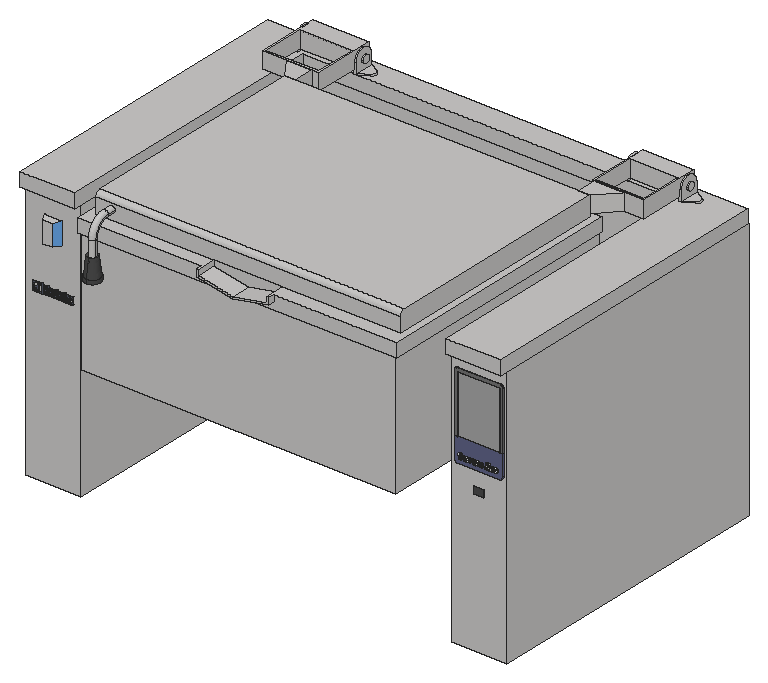
Revit family "QF_ELECTROLUXPROFESSIONAL_586282_PFET08EGEO", category Attrezzature speciali, Revit 2020
Family settings
  Quota connettore circolare = Usa diametro
  Tipo di parte = Normale
  Basato su piano di lavoro = No
  Sempre verticale = Sì
  Taglio con vuoti quando caricato = No
  Condiviso = No
  Punto di calcolo locali = No
Parameters (values of type "Standard")
  Weight = 240.00 kg
  Watts = 20600 W
  Volts = 400 V
  URL Manufacturer = "https://www.electroluxprofessional.com/"
  URL = "https://www.electroluxprofessional.com/"
  Steam Supply Size = 0 mm
  Steam Supply Minimum Pressure = 0.0 Pa
  Steam Supply Maximum Pressure = 0.0 Pa
  Steam Consumption per Hour = 0
  Refrigeration Suction Line Size = 0.0 mm
  Refrigeration Liquid Line Size = 0.0 mm
  Refrigerant Compressor Remote = yes
  Prospetto di default = 0.0 mm
  Produttore = "Electrolux Professional"
  Phase = 3
  Modello = "PFET08EGEO"
  Length Actual = 1400.0 mm  # constant formula
  Item Number = "586282"
  Hot Water Size = 12.7 mm
  Height Actual = 800.0 mm  # constant formula
  HP = "27.6 HP"
  Gas Size = 0 mm
  Gas KW = 0
  Gas Input Pressure = 0 W
  Direct Waste Size = 0 mm
  Descrizione = "ELECTRIC TILTING BRAISING PAN, 80L, COMPOUND(S),FS D900"
  Depth Actual = 900.0 mm  # constant formula
  Cycle = 50 Hz
  Condensate Return Size = 0 mm
  Compressed Air Volume = 0.0 L/s
  Compressed Air Size = 0 mm
  Compressed Air Pressure = 0.0 Pa
  Cold Water Size = 12.7 mm
  Accessory = yes
Reference planes
  plane 1 "Center (Front/Back)": y = 0
  plane 2: z = 0
  plane 3 "Center (Left/Right)": x = 0
  plane 4 "LEFT": x = -700
  plane 5 "RIGHT": x = 700
  plane 6 "BACK": y = 450
  plane 7 "FRONT": y = -450
  plane 8 "Base": z = 200
  plane 9 "TOP": z = 900
  plane 10: x = -540
  plane 11: x = 540
  plane 12 "Axe_PentolaY": y = -230
  plane 13 "AxePentolaZ": z = 730
  plane 14 "PLANE_TOP": z = 860
  plane 15: y = 380
  plane 16: z = 833
  plane 17: z = 502
  plane 18: z = 340
  plane 19: y = -552
  plane 20 "CentroPentolaY": y = -158
  plane 21 "TopCoperchio": z = 958
  plane 22 "Versamento": z = 910
  plane 23 "V1": through (-107.18, -558, 4000) normal (-0.7071, -0.7071, 0)
  plane 24 "V2": through (107.18, -558, 4000) normal (-0.7071, 0.7071, 0)
  plane 25 "Gfront": y = -1300
  plane 26 "LEVEL": through (-245.562, -289.383, 4000) normal (0.866, 0.5, 0)
  plane 27 "GRight": x = 250
  plane 28 "GLeft": x = -250
  plane 29 "Gback": y = -100
  plane 30: z = 1867
  plane 31 "Ribaltamento": y = -572
  plane 32 "AxeL": x = -620
  plane 33 "AxeR": x = 620
  plane 34 "Pentola_Back": y = 208
  plane 35 "Pentola_L": x = -457.5
  plane 36 "Pentola_R": x = 457.5
  plane 37: x = -397.5
  plane 38 "axeC1": x = -480
  plane 39 "axeC2": x = 480
Forms (mm)
  Revolve 1, solid, material "QF_Finishes_Stainless Steel"
    sketch origin (0, 0, 730) x (-1, 0, 0) y (0, -1, 0)
      loop
        line (540, 230) -> (-540, 230) -> (-540, 140) -> (-530, 140) -> (-530, 173) -> (530, 173) -> (530, 140) -> (540, 140) -> (540, 230)
      axis (540, 230) -> (-540, 230)
    angle from 0 to 360
  Extrusion 2, solid, material "QF_Finishes_Stainless Steel"
    sketch origin (0, 0, 860) x (-1, 0, 0) y (0, -1, 0)
      loop
        line (700, 450) -> (540, 450) -> (540, -380) -> (-540, -380) -> (-540, 450) -> (-700, 450) -> (-700, -450) -> (700, -450) -> (700, 450)
    from 0 to 40
  Extrusion 3, solid, material "QF_Finishes_Stainless Steel"
    sketch origin (0, 0, 860) x (-1, 0, 0) y (0, -1, 0)
      loop
        line (540, -380) -> (-540, -380) -> (-540, -450) -> (540, -450) -> (540, -380)
    from 0 to -360
  Extrusion 4, solid, material "QF_Finishes_Stainless Steel"
    sketch origin (-480, 0, 0) x (0, 1, 0) y (0, 0, 1)
      loop
        line (433.242, 900) -> (433.242, 931.379)
        arc (433.242, 931.379) -> (406.621, 958) -> (380, 931.379) r 26.621
        line (380, 931.379) -> (380, 900) -> (433.242, 900)
    from 88 to 95
  Extrusion 5, solid, material "QF_Finishes_Stainless Steel"
    sketch origin (-380, 0, 900) x (0, 1, 0) y (-1, 0, 0)
      loop
        line (380, 5) -> (395.936, -24.185)
        arc (395.936, -24.185) -> (406.621, -30.525) -> (417.305, -24.185) r 12.174
        line (417.305, -24.185) -> (433.242, 5) -> (380, 5)
      loop
        line (395.936, 211.185) -> (380, 182) -> (433.242, 182) -> (417.305, 211.185)
        arc (417.305, 211.185) -> (406.621, 217.525) -> (395.936, 211.185) r 12.174
    from 0 to 3
  Extrusion 6, solid, material "QF_Finishes_Stainless Steel"
    sketch origin (0, 0, 0) x (0, 1, 0) y (0, 0, 1)
      loop
        line (208, 860) -> (-529, 860) -> (-529, 502) -> (208, 502) -> (208, 860)
    from -457.5 to 457.5
  Extrusion 7, solid, material "QF_Finishes_Stainless Steel"
    sketch origin (0, 0, 0) x (0, 1, 0) y (0, 0, 1)
      loop
        line (214, 860) -> (214, 900) -> (-535, 900) -> (-535, 860) -> (214, 860)
    from -463.5 to 463.5
  Extrusion 8, void
    sketch origin (0, -450, 0) x (-1, 0, 0) y (0, 0, 1)
      loop
        line (100, 884.138) -> (100, 900) -> (-100, 900) -> (-100, 884.138) -> (0, 865.09) -> (100, 884.138)
    from -85 to -45
  Extrusion 9, solid, material "QF_Finishes_Stainless Steel"
    sketch origin (0, 0, 0) x (0, 1, 0) y (0, 0, 1)
      loop
        line (194, 958) -> (-480, 958)
        arc (-480, 958) -> (-490.607, 953.607) -> (-495, 943) r 15
        line (-495, 943) -> (-495, 900) -> (194, 900) -> (194, 958)
    from -443.5 to 443.5
  Extrusion 10, solid, material "QF_Finishes_Stainless Steel"
    sketch origin (0, -450, 0) x (-1, 0, 0) y (0, 0, 1)
      loop
        line (105, 880) -> (105, 900) -> (100, 900) -> (100, 884.138) -> (0, 865.09) -> (-100, 884.138) -> (-100, 900) -> (-105, 900) -> (-105, 880) -> (0, 860) -> (105, 880)
    from -102 to -79
  Extrusion 11, solid, material "QF_Finishes_Stainless Steel"
    sketch origin (-480, 0, 0) x (0, 1, 0) y (0, 0, 1)
      loop
        line (433.242, 900) -> (433.242, 931.379)
        arc (433.242, 931.379) -> (406.621, 958) -> (380, 931.379) r 26.621
        line (380, 931.379) -> (380, 900) -> (433.242, 900)
    from -82 to -75
  Extrusion 12, solid, material "QF_Finishes_Stainless Steel"
    sketch origin (0, 0, 900) x (0, 1, 0) y (-1, 0, 0)
      loop
        line (433.242, 392) -> (433.242, 555) -> (252, 555) -> (252, 392) -> (433.242, 392)
      loop
        line (257, 550) -> (257, 397) -> (380, 397) -> (380, 550) -> (257, 550)
    from 10 to 58
  Extrusion 13, solid, material "QF_Finishes_Stainless Steel"
    sketch origin (-480, 0, 0) x (0, 1, 0) y (0, 0, 1)
      loop
        circle (406.621, 931.379) r 10
    from 95 to 102.877
  Extrusion 14, solid, material "QF_Finishes_Stainless Steel"
    sketch origin (-480, 0, 0) x (0, 1, 0) y (0, 0, 1)
      loop
        circle (406.621, 931.379) r 10
    from -82 to -89
  Extrusion 15, solid, material "QF_Finishes_Stainless Steel"
    sketch origin (480, 0, 900) x (0, 1, 0) y (-1, 0, 0)
      loop
        arc (395.936, -111.185) -> (406.621, -117.525) -> (417.305, -111.185) r 12.174
        line (417.305, -111.185) -> (433.242, -82) -> (380, -82) -> (395.936, -111.185)
      loop
        line (395.936, 111.185) -> (380, 82) -> (433.242, 82) -> (417.305, 111.185)
        arc (417.305, 111.185) -> (406.621, 117.525) -> (395.936, 111.185) r 12.174
    from 0 to 3
  Extrusion 16, solid, material "QF_Finishes_Stainless Steel"
    sketch origin (480, 0, 0) x (0, 1, 0) y (0, 0, 1)
      loop
        circle (406.621, 931.379) r 10
    from 82 to 89
  Extrusion 17, solid, material "QF_Finishes_Stainless Steel"
    sketch origin (480, 0, 0) x (0, 1, 0) y (0, 0, 1)
      loop
        circle (406.621, 931.379) r 10
    from -82 to -89
  Extrusion 18, solid, material "QF_Finishes_Stainless Steel"
    sketch origin (0, 0, 900) x (0, 1, 0) y (-1, 0, 0)
      loop
        line (433.242, -405) -> (252, -405) -> (252, -555) -> (433.242, -555) -> (433.242, -405)
      loop
        line (257, -550) -> (380, -550) -> (380, -410) -> (257, -410) -> (257, -550)
    from 10 to 58
  Extrusion 19, solid, material "QF_Finishes_Stainless Steel"
    sketch origin (480, 0, 0) x (0, 1, 0) y (0, 0, 1)
      loop
        line (433.242, 900) -> (433.242, 931.379)
        arc (433.242, 931.379) -> (406.621, 958) -> (380, 931.379) r 26.621
        line (380, 931.379) -> (380, 900) -> (433.242, 900)
    from 75 to 82
  Extrusion 20, solid, material "QF_Finishes_Stainless Steel"
    sketch origin (480, 0, 0) x (0, 1, 0) y (0, 0, 1)
      loop
        line (433.242, 900) -> (433.242, 931.379)
        arc (433.242, 931.379) -> (406.621, 958) -> (380, 931.379) r 26.621
        line (380, 931.379) -> (380, 900) -> (433.242, 900)
    from -82 to -75
  Extrusion 21, solid, material "QF_Finishes_Stainless Steel"
    sketch origin (0, 0, 900) x (0, 1, 0) y (-1, 0, 0)
      loop
        line (252, 412.5) -> (252, 484.112) -> (194, 443.5) -> (194, 412.5) -> (252, 412.5)
      loop
        line (252, -412.5) -> (194, -412.5) -> (194, -443.5) -> (252, -497.112) -> (252, -412.5)
    from 10 to 58
  Extrusion 22, solid, material "QF_Door-Drawer Clearances", detail levels coarse
    sketch origin (0, 43.989, -0.088) x (0, 1, 0) y (0, 0, 1)
      loop
        arc (-592.39, 847.898) -> (-615.226, 709.247) -> (-572.989, 575.225) r 302.677
        line (-572.989, 575.225) -> (-572.989, 847.898) -> (-592.39, 847.898)
      loop
        line (376.001, 958) -> (148.958, 1805.334) -> (134.47, 1801.451) -> (130.784, 1815.206)
        arc (130.784, 1815.206) -> (105.783, 1852.623) -> (63.169, 1867.088) r 70
        arc (63.169, 1867.088) -> (-375.163, 1494.534) -> (-538.989, 943.088) r 1010.009
        arc (-538.989, 943.088) -> (-535.155, 953.104) -> (-525.613, 958) r 15
        line (-525.613, 958) -> (376.001, 958)
    from 105 to -105
Cuts and joins
  Extrusion 8 cuts Extrusion 7
  joined: Extrusion 7, Extrusion 10
Lines and regions (mm)
  symbolic lines
    curve 1: line (700, 450, 900) -> (-700, 450, 900)
    curve 2: line (700, -450, 900) -> (700, 450, 900)
    curve 3: line (-700, 450, 900) -> (-700, -450, 900)
    curve 4: line (-700, -450, 900) -> (-540, -450, 900)
    curve 5: line (-540, -450, 900) -> (-540, 252, 900)
    curve 6: line (540, -450, 900) -> (700, -450, 900)
    curve 7: line (530, -140, 900) -> (530, -320, 900)
    curve 8: line (-530, -140, 900) -> (-530, -320, 900)
    curve 9: line (-530, -140, 900) -> (-540, -140, 900)
    curve 10: line (-530, -320, 900) -> (-540, -320, 900)
    curve 11: line (530, -140, 900) -> (540, -140, 900)
    curve 12: line (530, -320, 900) -> (540, -320, 900)
    curve 18: line (562, 380, 900) -> (555, 380, 900)
    curve 19: line (-530, -172.761, 900) -> (-462.169, -172.761, 900)
    curve 20: line (-530, -286.868, 900) -> (-463.5, -286.868, 900)
    curve 21: line (530, -172.761, 900) -> (463.5, -172.761, 900)
    curve 22: line (530, -286.868, 900) -> (463.5, -286.868, 900)
    curve 45: line (-443.5, -495, 900) -> (443.5, -495, 900)
    curve 49: line (-555, 252, 900) -> (-392, 252, 900)
    curve 50: line (-484.112, 252, 900) -> (-443.5, 194, 900)
    curve 51: line (-397.5, 194, 900) -> (-397.5, 214, 900)
    curve 52: line (-392, 252, 900) -> (-392, 433.242, 900)
    curve 53: line (-397, 257, 900) -> (-550, 257, 900)
    curve 54: line (-555, 433.242, 900) -> (-555, 252, 900)
    curve 55: line (-550, 257, 900) -> (-550, 380, 900)
    curve 56: line (-397, 380, 900) -> (-397, 257, 900)
    curve 57: line (-385, 380, 900) -> (-385, 433.242, 900)
    curve 58: line (-385, 433.242, 900) -> (-562, 433.242, 900)
    curve 59: line (-569, 416.621, 900) -> (-569, 396.621, 900)
    curve 60: line (-591.185, 395.936, 900) -> (-562, 380, 900)
    curve 61: arc (-591.185, 417.305, 900) -> (-597.525, 406.621, 900) -> (-591.185, 395.936, 900) r 12.174
    curve 62: line (-562, 433.242, 900) -> (-591.185, 417.305, 900)
    curve 63: line (-562, 433.242, 900) -> (-562, 380, 900)
    curve 64: arc (591.185, 395.936, 900) -> (597.525, 406.621, 900) -> (591.185, 417.305, 900) r 12.174
    curve 65: line (562, 380, 900) -> (591.185, 395.936, 900)
    curve 66: line (591.185, 417.305, 900) -> (562, 433.242, 900)
    curve 67: line (562, 380, 900) -> (562, 433.242, 900)
    curve 68: line (569, 396.621, 900) -> (569, 416.621, 900)
    curve 69: line (555, 252, 900) -> (555, 380, 900)
    curve 70: line (550, 380, 900) -> (550, 257, 900)
    curve 71: line (410, 257, 900) -> (410, 380, 900)
    curve 72: line (405, 433.242, 900) -> (405, 380, 900)
    curve 73: line (550, 257, 900) -> (410, 257, 900)
    curve 74: line (555, 252, 900) -> (405, 252, 900)
    curve 75: line (368.815, 395.936, 900) -> (398, 380, 900)
    curve 76: line (398, 433.242, 900) -> (368.815, 417.305, 900)
    curve 77: arc (368.815, 417.305, 900) -> (362.475, 406.621, 900) -> (368.815, 395.936, 900) r 12.174
    curve 78: line (391, 416.621, 900) -> (391, 396.621, 900)
    curve 79: line (398, 433.242, 900) -> (398, 380, 900)
    curve 80: line (443.5, 194, 900) -> (497.112, 252, 900)
    curve 81: line (-412.5, 194, 900) -> (-412.5, 252, 900)
    curve 82: line (-457.504, 214, 900) -> (-463.5, 214, 900)
    curve 83: line (412.5, 214, 900) -> (-412.5, 214, 900)
    curve 84: line (-569, 416.621, 900) -> (-562, 416.621, 900)
    curve 85: line (-569, 396.621, 900) -> (-562, 396.621, 900)
    curve 86: line (-377.123, 416.621, 900) -> (-385, 416.621, 900)
    curve 87: line (-377.123, 396.621, 900) -> (-385, 396.621, 900)
    curve 88: line (391, 396.621, 900) -> (398, 396.621, 900)
    curve 89: line (391, 416.621, 900) -> (398, 416.621, 900)
    curve 90: line (569, 416.621, 900) -> (562, 416.621, 900)
    curve 91: line (569, 396.621, 900) -> (562, 396.621, 900)
    curve 92: line (398, 433.242, 900) -> (562, 433.242, 900)
    curve 93: line (-550, 380, 900) -> (-397, 380, 900)
    curve 94: line (405, 380, 900) -> (405, 252, 900)
    curve 95: line (405, 380, 900) -> (-392, 380, 900)
    curve 96: line (550, 380, 900) -> (410, 380, 900)
    curve 97: line (555, 380, 900) -> (555, 433.242, 900)
    curve 98: line (540, 252, 900) -> (540, -450, 900)
    curve 99: line (-562, 380, 900) -> (-555, 380, 900)
    curve 100: line (-377.123, 416.621, 900) -> (-377.123, 396.621, 900)
    curve 101: line (-385, 380, 900) -> (-355.815, 395.936, 900)
    curve 102: arc (-355.815, 395.936, 900) -> (-349.475, 406.621, 900) -> (-355.815, 417.305, 900) r 12.174
    curve 103: line (-355.815, 417.305, 900) -> (-385, 433.242, 900)
    curve 104: line (412.5, 194, 900) -> (412.5, 252, 900)
    curve 105: line (-463.5, 214, 900) -> (-463.5, -535, 900)
    curve 106: line (-463.5, -535, 900) -> (-406.5, -535, 900)
    curve 107: line (-388.5, -535, 900) -> (-105, -535, 900)
    curve 108: line (105, -535, 900) -> (463.5, -535, 900)
    curve 109: line (463.5, -535, 900) -> (463.5, 214, 900)
  symbolic lines, style "SpecialityEquipmentHiddenLines"
    curve 13: line (-250, -1300, 900) -> (250, -1300, 900)
    curve 14: line (-250, -100, 900) -> (-250, -1300, 900)
    curve 15: line (250, -100, 900) -> (-250, -100, 900)
    curve 16: line (250, -1300, 900) -> (250, -100, 900)
    curve 39: line (0, -1165.484, 900) -> (0, -1135.484, 900)
    curve 40: line (-15, -1150.484, 900) -> (15, -1150.484, 900)
  symbolic lines, style "SpecialityEquipment"
    curve 17: circle (0, -1150.484, 900) r 15 normal (0, 0, 1)
    curve 23: line (210, -1300, 900) -> (210, -1100, 900)
    curve 24: line (170, -1300, 900) -> (170, -1140, 900)
    curve 25: line (130, -1300, 900) -> (130, -1180, 900)
    curve 26: line (90, -1300, 900) -> (90, -1220, 900)
    curve 27: line (90, -1260, 900) -> (250, -1260, 900)
    curve 28: line (130, -1220, 900) -> (250, -1220, 900)
    curve 29: line (170, -1180, 900) -> (250, -1180, 900)
    curve 30: line (210, -1140, 900) -> (250, -1140, 900)
    curve 31: line (-210, -1300, 900) -> (-210, -1100, 900)
    curve 32: line (-170, -1300, 900) -> (-170, -1140, 900)
    curve 33: line (-130, -1300, 900) -> (-130, -1180, 900)
    curve 34: line (-90, -1300, 900) -> (-90, -1220, 900)
    curve 35: line (-90, -1260, 900) -> (-250, -1260, 900)
    curve 36: line (-130, -1220, 900) -> (-250, -1220, 900)
    curve 37: line (-170, -1180, 900) -> (-250, -1180, 900)
    curve 38: line (-210, -1140, 900) -> (-250, -1140, 900)
    curve 41: line (-443.5, 194, 900) -> (-443.5, -495, 900)
    curve 42: line (443.5, -495, 900) -> (443.5, 194, 900)
    curve 43: line (443.5, 194, 900) -> (-443.5, 194, 900)
    curve 44: line (463.5, 214, 900) -> (461.987, 214, 900)
    curve 46: line (-105, -552, 900) -> (105, -552, 900)
    curve 47: line (105, -552, 900) -> (105, -495, 900)
    curve 48: line (-105, -495, 900) -> (-105, -552, 900)
Dimensions and locks
  plane 4 "LEFT" to plane 5 "RIGHT" = 1400.0 mm
  equal spacing: plane 4 "LEFT", plane 3 "Center (Left/Right)", plane 5 "RIGHT"
  equal spacing: plane 6 "BACK", plane 1 "Center (Front/Back)", plane 7 "FRONT"
  plane 6 "BACK" to plane 7 "FRONT" = 900.0 mm
  plane 8 "Base" to level = 200.0 mm
  plane 9 "TOP" to level = 900.0 mm
  plane 9 "TOP" to plane 8 "Base" = 700.0 mm
  locked: plane 4 "LEFT" to plane 10 at 160
  locked: plane 11 to plane 5 "RIGHT" at 160
  locked: plane 6 "BACK" to plane 12 "Axe_PentolaY" at 680
  locked: plane 13 "AxePentolaZ" to plane 8 "Base" at 530
  locked: Revolve 1 sketch curve to Revolve 1 sketch curve at 57
  locked: Revolve 1 sketch curve to Revolve 1 sketch curve at 90
  locked: plane 10 to Revolve 1 sketch curve at 10
  locked: Revolve 1 sketch curve to plane 11 at 10
  locked: plane 9 "TOP" to plane 14 "PLANE_TOP" at 40
  plane 6 "BACK" to plane 15 = 70.0 mm
  locked: plane 16 to plane 13 "AxePentolaZ" at 103
  locked: plane 13 "AxePentolaZ" to plane 17 at 228
  locked: plane 17 to plane 18 at 162
  plane 6 "BACK" to plane 19 = 1002.0 mm
  locked: plane 6 "BACK" to plane 20 "CentroPentolaY" at 608
  locked: plane 21 "TopCoperchio" to plane 9 "TOP" at 58
  locked: plane 22 "Versamento" to level at 910
  plane 6 "BACK" to plane 25 "Gfront" = 1750.0 mm
  locked: plane 28 "GLeft" to plane 3 "Center (Left/Right)" at 250
  locked: plane 3 "Center (Left/Right)" to plane 27 "GRight" at 250
  plane 6 "BACK" to plane 29 "Gback" = 550.0 mm
  plane 30 to plane 9 "TOP" = 967.0 mm
  plane 6 "BACK" to plane 31 "Ribaltamento" = 1022.0 mm
  equal spacing: plane 10, plane 32 "AxeL", plane 4 "LEFT"
  equal spacing: plane 5 "RIGHT", plane 33 "AxeR", plane 11
  locked: plane 36 "Pentola_R" to plane 35 "Pentola_L" at 915
  equal spacing: plane 36 "Pentola_R", plane 3 "Center (Left/Right)", plane 35 "Pentola_L"
  locked: Extrusion 7 sketch curve to plane 34 "Pentola_Back" at 6
  plane 34 "Pentola_Back" to plane 12 "Axe_PentolaY" = 438.0 mm
  locked: plane 37 to plane 35 "Pentola_L" at 60
  plane 4 "LEFT" to plane 38 "axeC1" = 220.0 mm
  plane 39 "axeC2" to plane 5 "RIGHT" = 220.0 mm
  locked: cut or joined group of Extrusion 7, Extrusion 8, Extrusion 10 to plane 36 "Pentola_R" at 6
  locked: plane 35 "Pentola_L" to cut or joined group of Extrusion 7, Extrusion 8, Extrusion 10 at 6
  locked: Extrusion 9 to plane 35 "Pentola_L" at 14
  locked: plane 36 "Pentola_R" to Extrusion 9 at 14
  aligned and locked: level to plane 2
  aligned and locked: plane 5 "RIGHT" to nested 2
  aligned and locked: plane 4 "LEFT" to nested 1
  aligned and locked: plane 6 "BACK" to nested 2
  aligned and locked: plane 10 to Revolve 1 sketch curve
  aligned and locked: plane 11 to Revolve 1 sketch curve
  aligned and locked: plane 4 "LEFT" to Extrusion 2 sketch curve
  aligned and locked: Extrusion 2 sketch curve to plane 10
  aligned and locked: plane 7 "FRONT" to Extrusion 2 sketch curve  (x2)
  aligned and locked: Extrusion 2 sketch curve to plane 5 "RIGHT"
  aligned and locked: plane 11 to Extrusion 2 sketch curve
  aligned and locked: Extrusion 2 sketch curve to plane 6 "BACK"
  aligned and locked: plane 15 to Extrusion 2 sketch curve
  aligned and locked: Extrusion 3 sketch curve to plane 10
  aligned and locked: plane 6 "BACK" to Extrusion 3 sketch curve
  aligned and locked: plane 11 to Extrusion 3 sketch curve
  aligned and locked: Extrusion 3 sketch curve to plane 15
  aligned and locked: curve 13 to plane 25 "Gfront"
  aligned and locked: curve 14 to plane 28 "GLeft"
  aligned and locked: plane 27 "GRight" to curve 16
  aligned and locked: plane 29 "Gback" to curve 15
  aligned and locked: plane 17 to Extrusion 6 sketch curve
  aligned and locked: plane 9 "TOP" to Extrusion 7 sketch curve
  aligned and locked: Extrusion 6 to plane 35 "Pentola_L"
  aligned and locked: plane 36 "Pentola_R" to Extrusion 6
  aligned and locked: plane 37 to nested 3
Automatic sketch dimensions
  plane 12 "Axe_PentolaY" to Revolve 1 sketch curve = 0.0 mm
  Revolve 1 sketch curve to plane 12 "Axe_PentolaY" = 0.0 mm
  plane 20 "CentroPentolaY" to Revolve 1 sketch curve = 18.0 mm
  plane 5 "RIGHT" to Revolve 1 sketch curve = 432.098 mm
  Revolve 1 sketch curve to plane 4 "LEFT" = 580.148 mm
  Extrusion 4 sketch curve to plane 9 "TOP" = 0.0 mm
  Extrusion 4 sketch curve to plane 15 = 0.0 mm
  plane 15 to Extrusion 4 sketch curve = 26.621 mm
  plane 22 "Versamento" to Extrusion 4 sketch curve = 21.379 mm
  plane 16 to Extrusion 6 sketch curve = 27.0 mm
  Extrusion 6 sketch curve to plane 34 "Pentola_Back" = 0.0 mm
  Extrusion 6 sketch curve to plane 7 "FRONT" = 79.0 mm
  Extrusion 7 sketch curve to plane 7 "FRONT" = 85.0 mm
  Extrusion 9 sketch curve to plane 9 "TOP" = 0.0 mm
  Extrusion 9 sketch curve to plane 7 "FRONT" = 45.0 mm
  Extrusion 9 sketch curve to Extrusion 9 sketch curve = 15.0 mm
  Extrusion 9 sketch curve to plane 34 "Pentola_Back" = 14.0 mm
  Extrusion 10 sketch curve to plane 9 "TOP" = 0.0 mm  (x2)
  plane 3 "Center (Left/Right)" to Extrusion 10 sketch curve = 100.0 mm
  Extrusion 10 sketch curve to Extrusion 10 sketch curve = 5.0 mm  (x2)
  Extrusion 11 sketch curve to plane 9 "TOP" = 0.0 mm
  Extrusion 11 sketch curve to plane 15 = 0.0 mm
  plane 15 to Extrusion 11 sketch curve = 26.621 mm
  plane 22 "Versamento" to Extrusion 11 sketch curve = 21.379 mm
  Extrusion 12 sketch curve to plane 15 = 0.0 mm
  plane 37 to Extrusion 12 sketch curve = 0.5 mm
  plane 34 "Pentola_Back" to Extrusion 12 sketch curve = 49.0 mm
  Extrusion 12 sketch curve to Extrusion 12 sketch curve = 5.0 mm
  Extrusion 12 sketch curve to plane 6 "BACK" = 16.758 mm
  plane 37 to Extrusion 12 sketch curve = 5.5 mm
  Extrusion 12 sketch curve to plane 10 = 10.0 mm
  Extrusion 12 sketch curve to plane 10 = 15.0 mm
  plane 15 to Extrusion 13 sketch curve = 26.621 mm
  plane 22 "Versamento" to Extrusion 13 sketch curve = 21.379 mm
  plane 15 to Extrusion 14 sketch curve = 26.621 mm
  plane 22 "Versamento" to Extrusion 14 sketch curve = 21.379 mm
  Extrusion 15 sketch curve to plane 15 = 0.0 mm  (x2)
  plane 15 to Extrusion 15 sketch curve = 15.936 mm  (x2)
  Extrusion 15 sketch curve to Extrusion 15 sketch curve = 10.684 mm  (x4)
  plane 27 "GRight" to Extrusion 15 sketch curve = 118.815 mm
  Extrusion 15 sketch curve to plane 6 "BACK" = 16.758 mm  (x2)
  Extrusion 15 sketch curve to Extrusion 15 sketch curve = 5.834 mm  (x2)
  Extrusion 15 sketch curve to Extrusion 15 sketch curve = 29.185 mm
  plane 11 to Extrusion 15 sketch curve = 22.0 mm
  Extrusion 15 sketch curve to plane 33 "AxeR" = 34.649 mm
  plane 15 to Extrusion 16 sketch curve = 26.621 mm
  plane 22 "Versamento" to Extrusion 16 sketch curve = 21.379 mm
  plane 15 to Extrusion 17 sketch curve = 26.621 mm
  plane 22 "Versamento" to Extrusion 17 sketch curve = 21.379 mm
  Extrusion 18 sketch curve to plane 15 = 0.0 mm
  Extrusion 18 sketch curve to plane 34 "Pentola_Back" = 49.0 mm
  Extrusion 18 sketch curve to Extrusion 18 sketch curve = 5.0 mm  (x2)
  plane 6 "BACK" to Extrusion 18 sketch curve = 16.758 mm
  Extrusion 18 sketch curve to plane 27 "GRight" = 155.0 mm
  Extrusion 18 sketch curve to plane 11 = 10.0 mm
  Extrusion 18 sketch curve to plane 11 = 15.0 mm
  Extrusion 19 sketch curve to plane 9 "TOP" = 0.0 mm
  Extrusion 19 sketch curve to plane 15 = 0.0 mm
  Extrusion 19 sketch curve to Extrusion 19 sketch curve = 26.621 mm
  plane 22 "Versamento" to Extrusion 19 sketch curve = 21.379 mm
  Extrusion 20 sketch curve to plane 9 "TOP" = 0.0 mm
  Extrusion 20 sketch curve to plane 15 = 0.0 mm
  Extrusion 20 sketch curve to Extrusion 20 sketch curve = 26.621 mm
  plane 22 "Versamento" to Extrusion 20 sketch curve = 21.379 mm
  Extrusion 9 sketch curve to plane 21 "TopCoperchio" = 0.0 mm
  plane 16 to Extrusion 7 sketch curve = 27.0 mm
  Extrusion 5 sketch curve to plane 15 = 0.0 mm  (x2)
  plane 15 to Extrusion 5 sketch curve = 15.936 mm  (x2)
  Extrusion 5 sketch curve to Extrusion 5 sketch curve = 10.684 mm  (x4)
  Extrusion 5 sketch curve to plane 6 "BACK" = 16.758 mm  (x2)
  plane 37 to Extrusion 5 sketch curve = 41.685 mm
  Extrusion 5 sketch curve to Extrusion 5 sketch curve = 5.834 mm  (x2)
  Extrusion 5 sketch curve to plane 10 = 22.0 mm
  plane 32 "AxeL" to Extrusion 5 sketch curve = 34.649 mm
  plane 37 to Extrusion 5 sketch curve = 12.5 mm
  Extrusion 21 sketch curve to plane 34 "Pentola_Back" = 14.0 mm  (x2)
  Extrusion 21 sketch curve to plane 38 "axeC1" = 4.112 mm
  plane 34 "Pentola_Back" to Extrusion 21 sketch curve = 44.0 mm  (x2)
  plane 35 "Pentola_L" to Extrusion 21 sketch curve = 14.0 mm
  Extrusion 21 sketch curve to plane 37 = 15.0 mm
  Extrusion 21 sketch curve to plane 36 "Pentola_R" = 45.0 mm
  Extrusion 21 sketch curve to plane 36 "Pentola_R" = 14.0 mm
  plane 39 "axeC2" to Extrusion 21 sketch curve = 17.112 mm
  Extrusion 22 sketch curve to plane 30 = 0.0 mm
  plane 19 to Extrusion 22 sketch curve = 3.599 mm
  plane 19 to Extrusion 22 sketch curve = 23.0 mm
  Extrusion 22 sketch curve to plane 7 "FRONT" = 30.0 mm
  plane 13 "AxePentolaZ" to Extrusion 22 sketch curve = 0.64 mm
  Extrusion 22 sketch curve to plane 12 "Axe_PentolaY" = 39.323 mm
  Extrusion 22 sketch curve to plane 34 "Pentola_Back" = 33.227 mm
  Extrusion 22 sketch curve to Extrusion 22 sketch curve = 3.685 mm
  Extrusion 22 sketch curve to Extrusion 22 sketch curve = 14.489 mm
  Extrusion 22 sketch curve to plane 21 "TopCoperchio" = 0.088 mm
  Extrusion 22 sketch curve to plane 6 "BACK" = 30.01 mm
  Extrusion 22 sketch curve to plane 21 "TopCoperchio" = 15.0 mm
  plane 6 "BACK" to Extrusion 22 sketch curve = 65.009 mm
  plane 17 to Extrusion 22 sketch curve = 73.137 mm
  Extrusion 22 sketch curve to plane 30 = 70.0 mm
  Extrusion 22 sketch curve to Extrusion 22 sketch curve = 0.0 mm
  Extrusion 22 sketch curve to Extrusion 22 sketch curve = 1.624 mm
  curve 39 to plane 3 "Center (Left/Right)" = 0.0 mm
  curve 17 to plane 3 "Center (Left/Right)" = 0.0 mm
  curve 48 to plane 19 = 0.0 mm
  curve 6 to plane 5 "RIGHT" = 0.0 mm
  curve 6 to plane 7 "FRONT" = 0.0 mm
  curve 4 to plane 7 "FRONT" = 0.0 mm
  curve 10 to plane 10 = 0.0 mm
  curve 12 to plane 11 = 0.0 mm
  curve 51 to plane 37 = 0.0 mm
  curve 75 to plane 15 = 0.0 mm
  curve 18 to plane 15 = 0.0 mm
  curve 93 to plane 15 = 0.0 mm
  curve 99 to plane 15 = 0.0 mm
  curve 70 to plane 15 = 0.0 mm
  curve 2 to plane 6 "BACK" = 0.0 mm
  curve 3 to plane 4 "LEFT" = 0.0 mm
  plane 25 "Gfront" to curve 17 = 149.516 mm
  plane 19 to curve 105 = 17.0 mm
  plane 36 "Pentola_R" to curve 108 = 6.0 mm
  plane 19 to curve 108 = 17.0 mm
  curve 45 to plane 36 "Pentola_R" = 14.0 mm
  curve 108 to curve 45 = 40.0 mm
  plane 10 to curve 10 = 10.0 mm
  curve 10 to plane 12 "Axe_PentolaY" = 90.0 mm
  curve 7 to plane 11 = 10.0 mm
  curve 7 to plane 12 "Axe_PentolaY" = 90.0 mm
  plane 20 "CentroPentolaY" to curve 11 = 18.0 mm
  plane 20 "CentroPentolaY" to curve 8 = 18.0 mm
  curve 43 to plane 34 "Pentola_Back" = 14.0 mm
  plane 34 "Pentola_Back" to curve 82 = 6.0 mm
  plane 34 "Pentola_Back" to curve 44 = 6.0 mm
  plane 11 to curve 74 = 15.0 mm
  plane 34 "Pentola_Back" to curve 74 = 44.0 mm
  curve 54 to plane 10 = 15.0 mm
  plane 34 "Pentola_Back" to curve 54 = 44.0 mm
  curve 49 to curve 53 = 5.0 mm
  curve 104 to curve 73 = 5.0 mm
  plane 15 to curve 60 = 15.936 mm
  plane 15 to curve 75 = 15.936 mm
  plane 15 to curve 65 = 15.936 mm
  plane 15 to curve 101 = 15.936 mm
  plane 15 to curve 88 = 16.621 mm
  plane 15 to curve 59 = 16.621 mm
  plane 15 to curve 68 = 16.621 mm
  plane 15 to curve 100 = 16.621 mm
  curve 77 to curve 77 = 10.684 mm
  curve 60 to curve 61 = 10.684 mm
  curve 102 to curve 102 = 10.684 mm
  curve 64 to curve 64 = 10.684 mm
  curve 102 to curve 86 = 10.0 mm
  curve 64 to curve 90 = 10.0 mm
  curve 61 to curve 84 = 10.0 mm
  curve 77 to curve 89 = 10.0 mm
  curve 61 to curve 62 = 10.684 mm
  curve 77 to curve 76 = 10.684 mm
  curve 64 to curve 66 = 10.684 mm
  curve 102 to curve 103 = 10.684 mm
  curve 86 to curve 58 = 16.621 mm
  curve 90 to curve 92 = 16.621 mm
  curve 65 to plane 33 "AxeR" = 28.815 mm
  curve 64 to curve 64 = 5.834 mm
  curve 64 to curve 68 = 16.351 mm
  curve 68 to curve 66 = 7.0 mm
  curve 18 to curve 96 = 5.0 mm
  curve 73 to plane 36 "Pentola_R" = 47.5 mm
  curve 71 to curve 95 = 5.0 mm
  curve 94 to curve 79 = 7.0 mm
  curve 89 to curve 78 = 7.0 mm
  curve 78 to curve 77 = 16.351 mm
  curve 77 to curve 76 = 5.834 mm
  plane 3 "Center (Left/Right)" to curve 46 = 105.0 mm
  curve 48 to plane 3 "Center (Left/Right)" = 105.0 mm
  plane 37 to curve 101 = 41.685 mm
  curve 103 to curve 102 = 5.834 mm
  curve 102 to curve 86 = 15.475 mm
  plane 37 to curve 57 = 12.5 mm
  plane 37 to curve 49 = 5.5 mm
  plane 37 to curve 93 = 0.5 mm
  plane 35 "Pentola_L" to curve 45 = 14.0 mm
  curve 53 to curve 49 = 5.0 mm
  curve 99 to curve 63 = 7.0 mm
  curve 85 to curve 85 = 7.0 mm
  curve 59 to curve 61 = 16.351 mm
  curve 61 to curve 62 = 5.834 mm
  curve 26 to curve 27 = 40.0 mm
  curve 13 to curve 35 = 40.0 mm
  curve 27 to curve 28 = 40.0 mm
  curve 26 to curve 28 = 0.0 mm
  curve 35 to curve 36 = 40.0 mm
  curve 36 to curve 34 = 0.0 mm
  curve 36 to curve 37 = 40.0 mm
  curve 37 to curve 33 = 0.0 mm
  curve 28 to curve 29 = 40.0 mm
  curve 25 to curve 29 = 0.0 mm
  curve 39 to curve 17 = 15.0 mm
  curve 17 to curve 40 = 0.0 mm
  curve 37 to curve 32 = 40.0 mm
  curve 29 to curve 24 = 40.0 mm
  curve 37 to curve 38 = 40.0 mm
  curve 24 to curve 30 = 0.0 mm
  curve 38 to curve 31 = 40.0 mm
  curve 30 to curve 23 = 40.0 mm
  curve 46 to curve 107 = 17.0 mm
  curve 8 to curve 20 = 33.132 mm
  curve 22 to plane 12 "Axe_PentolaY" = 56.868 mm
  curve 19 to plane 35 "Pentola_L" = 4.669 mm
  curve 19 to plane 20 "CentroPentolaY" = 14.761 mm
  curve 21 to plane 20 "CentroPentolaY" = 14.761 mm
  plane 34 "Pentola_Back" to curve 51 = 6.0 mm
  curve 97 to curve 18 = 0.0 mm
  plane 39 "axeC2" to curve 80 = 17.112 mm
  curve 42 to curve 104 = 31.0 mm
  curve 72 to curve 94 = 0.0 mm
  curve 75 to curve 79 = 0.0 mm
  curve 23 to plane 27 "GRight" = 40.0 mm
  curve 30 to curve 29 = 40.0 mm
  curve 29 to curve 28 = 40.0 mm
  curve 28 to curve 26 = 40.0 mm
  curve 34 to plane 3 "Center (Left/Right)" = 90.0 mm
  curve 34 to curve 36 = 40.0 mm
  curve 33 to curve 32 = 40.0 mm
  curve 38 to curve 38 = 40.0 mm
  plane 37 to curve 107 = 9.0 mm
  curve 106 to plane 37 = 9.0 mm
  curve 81 to plane 37 = 15.0 mm
  curve 82 to plane 35 "Pentola_L" = 0.004 mm
  curve 20 to plane 35 "Pentola_L" = 6.0 mm
  Extrusion 8 sketch curve to plane 9 "TOP" = 0.0 mm
  plane 3 "Center (Left/Right)" to Extrusion 8 sketch curve = 100.0 mm
  Extrusion 8 sketch curve to plane 3 "Center (Left/Right)" = 100.0 mm
  plane 14 "PLANE_TOP" to Extrusion 8 sketch curve = 5.09 mm
  Extrusion 8 sketch curve to plane 9 "TOP" = 15.862 mm  (x2)
  Extrusion 8 sketch curve to plane 3 "Center (Left/Right)" = 0.0 mm
  Extrusion 10 sketch curve to plane 3 "Center (Left/Right)" = 100.0 mm
  Extrusion 10 sketch curve to plane 9 "TOP" = 15.862 mm  (x2)
  Extrusion 10 sketch curve to Extrusion 10 sketch curve = 4.138 mm  (x2)
  Extrusion 10 sketch curve to plane 3 "Center (Left/Right)" = 0.0 mm  (x2)
  plane 14 "PLANE_TOP" to Extrusion 10 sketch curve = 5.09 mm
  Extrusion 10 sketch curve to Extrusion 10 sketch curve = 5.09 mm
  radius of Extrusion 13 sketch curve = 10.0 mm
  radius of Extrusion 14 sketch curve = 10.0 mm
  radius of Extrusion 16 sketch curve = 10.0 mm
  radius of Extrusion 17 sketch curve = 10.0 mm
Nested families
  nested 1: "QF_ELECTROLUXPROFESSIONAL_PBOT900H760_LEFT" at (-620, 0, 0), type "QF_ELECTROLUXPROFESSIONAL_PBOT900H760_LEFT"
    with Body Finish QF_Finishes_Stainless Steel
  nested 2: "QF_ELECTROLUXPROFESSIONAL_PBOT900H760_RIGHT" at (620, 0, 0), type "QF_ELECTROLUXPROFESSIONAL_PBOT900H760_RIGHT"
    with Body Finish QF_Finishes_Stainless Steel
  nested 3: "QF_ELECTROLUXPROFESSIONAL_PFET900_LEVEL2" at (-397.5, -495, 927.803), type "QF_ELECTROLUXPROFESSIONAL_PFET900_LEVEL2"
Connectors
  piping at (-650, 453, 395), diameter 12.7, driven by "Hot Water Size"
    settings: on nested 1, index 1, connector inside diameter 609.6 mm, connector length 0.0 mm, flow factor 0, pipe flow 0.0 L/s, pressure drop 0.0 Pa, fitting loss kfactor 0, connector angle 0.00°, fixture units 0, engagement length 0.0 mm, angle of deflection 0.00°, flow configuration 1, flow direction 1, fitting loss method 0, system type 19, joint type 0, gender type 0, connector reference index -1, connector utility 0, adjustable connector no, is connector primary yes, connector description "Hot Water Inlet"
  piping at (-590, 453, 395), diameter 12.7, driven by "Cold Water Size"
    settings: on nested 1, index 2, connector inside diameter 609.6 mm, connector length 0.0 mm, flow factor 0, pipe flow 0.0 L/s, pressure drop 0.0 Pa, fitting loss kfactor 0, connector angle 0.00°, fixture units 0, engagement length 0.0 mm, angle of deflection 0.00°, flow configuration 1, flow direction 1, fitting loss method 0, system type 20, joint type 0, gender type 0, connector reference index -1, connector utility 0, adjustable connector no, is connector primary no, connector description "Cold Water Inlet"
  electrical at (620, 450, 450), driven by "Volts"
    settings: on nested 2, index 3, voltage 400 V, apparent load 0 VA, apparent load phase1 0 VA, apparent load phase2 0 VA, apparent load phase3 0 VA, power factor 1, load classification "Other", number of poles 1, system type 30, power factor state 1, is connector primary yes, connector utility no, sub classification motor no, connector description "Electrical Connection"
Definition of nested family "QF_ELECTROLUXPROFESSIONAL_PBOT900H760_LEFT"
  Parameters
    Width = 160.0 mm
    Right = Width / 2  # 80.0 mm
    Default Elevation = 0.0 mm
    Left = -Width / 2  # -80.0 mm
    Htop = 40.0 mm
    Height = 900.0 mm
    HW_CW_z = 295.0 mm
    HW_CW_y = 315.0 mm
    HW_CW_Border = 50.0 mm
    HBase = 100.0 mm
    Depth = 900.0 mm
    BorderFront = 20.0 mm
    Body Finish [instance] = none
  Reference planes
    plane 1 "Center (Front/Back)": y = 0
    plane 2: z = 0
    plane 3 "Center (Left/Right)": x = 0
    plane 4 "LEFT": x = -80
    plane 5 "RIGHT": x = 80
    plane 6 "BACK": y = 450
    plane 7 "FRONT": y = -450
    plane 8 "TRAYSLIDER": y = -811.8
    plane 9 "Base": z = 100
    plane 10 "TOP": z = 900
    plane 11 "BorderFront": y = -430
    plane 12: z = 860
    plane 13 "HW_CW": y = 135
    plane 14: x = -30
    plane 15: x = 30
    plane 16 "SteamO": y = 211
    plane 17 "STEAM": z = 340
    plane 18 "CHW": z = 395
  Forms (mm)
    Extrusion 1, solid
      sketch origin (0, 0, 0) x (1, 0, 0) y (0, 1, 0)
        loop
          line (-80, 450) -> (-80, -430) -> (80, -430) -> (80, 450) -> (-80, 450)
      from 860 to 100
    Extrusion 2, solid, material <- "Body Finish"
      sketch origin (0, 450, 0) x (-1, 0, 0) y (0, 0, 1)
        loop
          circle (30, 395) r 6.35
        loop
          circle (-30, 395) r 6.35
      from 3 to 0
    Blend 3, solid, material <- "Body Finish"
      base sketch origin (0, -430, -0.233) x (-1, 0, 0) y (0, 0, 1)
        loop
          line (23.5, 800.233) -> (-23.5, 800.233) -> (-23.5, 733.433) -> (23.5, 733.433) -> (23.5, 800.233)
      top sketch origin (0, -430, -0.233) x (-1, 0, 0) y (0, 0, 1)
        loop
          line (13.448, 797.45) -> (-13.448, 797.45) -> (-13.448, 736.216) -> (13.448, 736.216) -> (13.448, 797.45)
      from 0 to -20
    Extrusion 4, solid
      sketch origin (-12.54, -430, 23) x (-1, 0, 0) y (0, 0, 1)
        loop
          line (5.327, 593.058) -> (5.327, 590.846) -> (11.437, 590.846) -> (11.437, 587.616) -> (5.692, 587.616) -> (5.692, 585.398) -> (11.437, 585.398) -> (11.437, 583.444)
          arc (11.437, 583.444) -> (10.839, 582.088) -> (9.435, 581.614) r 1.838
          line (9.435, 581.614) -> (5.163, 581.614) -> (5.163, 579.403) -> (9.986, 579.403)
          arc (9.986, 579.403) -> (12.674, 580.517) -> (13.788, 583.205) r 3.802
          line (13.788, 583.205) -> (13.788, 593.058) -> (5.327, 593.058)
        loop
          line (3.492, 593.058) -> (1.141, 593.058) -> (1.141, 579.403) -> (3.492, 579.403) -> (3.492, 593.058)
        loop
          line (-47.588, 593.058) -> (-49.941, 593.058) -> (-49.941, 579.403) -> (-47.588, 579.403) -> (-47.588, 593.058)
        loop
          arc (-2.749, 583.764) -> (-3.194, 582.272) -> (-4.489, 581.409) r 2.29
          arc (-4.489, 581.409) -> (-6.614, 581.225) -> (-8.443, 582.322) r 3.458
          line (-8.443, 582.322) -> (-9.836, 580.928)
          arc (-9.836, 580.928) -> (-7.685, 579.48) -> (-5.119, 579.102) r 5.86
          arc (-5.119, 579.102) -> (-1.823, 580.467) -> (-0.457, 583.764) r 4.662
          arc (-0.457, 583.764) -> (-1.495, 587.706) -> (-5.131, 589.55) r 4.976
          arc (-5.131, 589.55) -> (-9.259, 588.004) -> (-10.466, 583.764) r 4.89
          line (-10.466, 583.764) -> (-2.749, 583.764)
        loop
          arc (-2.808, 585.417) -> (-3.843, 587.066) -> (-5.727, 587.557) r 2.64
          arc (-5.727, 587.557) -> (-7.36, 586.981) -> (-8.104, 585.417) r 2.256
          line (-8.104, 585.417) -> (-2.808, 585.417)
        loop
          arc (-19.634, 586.402) -> (-17.741, 587.437) -> (-15.609, 587.112) r 3.369
          arc (-15.609, 587.112) -> (-14.276, 585.699) -> (-14.118, 583.764) r 2.933
          arc (-14.118, 583.764) -> (-16.389, 581.316) -> (-19.559, 582.365) r 3.088
          line (-19.559, 582.365) -> (-21.028, 580.896)
          arc (-21.028, 580.896) -> (-14.811, 579.611) -> (-11.775, 585.186) r 5.33
          arc (-11.775, 585.186) -> (-13.576, 588.365) -> (-17.009, 589.62) r 5.293
          arc (-17.009, 589.62) -> (-19.259, 589.219) -> (-21.111, 587.878) r 5.117
          line (-21.111, 587.878) -> (-19.634, 586.402)
        loop
          line (-22.556, 593.058) -> (-24.908, 593.058) -> (-24.908, 589.279) -> (-27.044, 589.279) -> (-27.044, 587.143) -> (-24.908, 587.143) -> (-24.908, 583.764)
          arc (-24.908, 583.764) -> (-25.11, 582.682) -> (-25.866, 581.883) r 1.949
          arc (-25.866, 581.883) -> (-26.455, 581.649) -> (-27.088, 581.601) r 2.118
          line (-27.088, 581.601) -> (-27.088, 579.397)
          arc (-27.088, 579.397) -> (-24.962, 579.678) -> (-23.283, 581.013) r 4.018
          arc (-23.283, 581.013) -> (-22.759, 582.327) -> (-22.556, 583.727) r 6.031
          line (-22.556, 583.727) -> (-22.556, 593.058)
        loop
          line (-31.355, 584.595) -> (-31.355, 579.403) -> (-29.023, 579.403) -> (-29.023, 589.279) -> (-31.355, 589.279) -> (-31.355, 587.855)
          arc (-31.355, 587.855) -> (-32.932, 589.208) -> (-35.001, 589.403) r 3.432
          line (-35.001, 589.403) -> (-35.001, 587.143)
          arc (-35.001, 587.143) -> (-33.417, 587.175) -> (-32.009, 586.452) r 3.231
          arc (-32.009, 586.452) -> (-31.523, 585.579) -> (-31.355, 584.595) r 2.967
        loop
          circle (-40.752, 584.339) r 5.233
        loop
          circle (-40.752, 584.339) r 3.172
        loop
          line (-58.424, 583.516) -> (-58.424, 589.279) -> (-60.794, 589.279) -> (-60.794, 583.417)
          arc (-60.794, 583.417) -> (-59.481, 580.276) -> (-56.268, 579.153) r 4.181
          arc (-56.268, 579.153) -> (-53.09, 580.243) -> (-51.74, 583.32) r 4.181
          line (-51.74, 583.32) -> (-51.74, 589.279) -> (-54.111, 589.279) -> (-54.111, 583.516)
          arc (-54.111, 583.516) -> (-54.692, 581.919) -> (-56.268, 581.283) r 2.088
          arc (-56.268, 581.283) -> (-57.843, 581.919) -> (-58.424, 583.516) r 2.088
        loop
          line (-62.216, 589.279) -> (-64.76, 589.279) -> (-66.89, 586.347) -> (-69.053, 589.279) -> (-71.621, 589.279) -> (-68.238, 584.695) -> (-71.937, 579.4) -> (-69.425, 579.4) -> (-66.898, 582.879) -> (-64.408, 579.4) -> (-61.879, 579.4) -> (-65.631, 584.642) -> (-62.216, 589.279)
        loop
          arc (12.465, 573.743) -> (10.91, 572.325) -> (12.18, 570.647) r 1.561
          line (12.18, 570.647) -> (13.314, 570.647) -> (13.314, 569.021) -> (14.34, 569.021) -> (14.34, 573.743) -> (12.465, 573.743)
        loop
          line (12.224, 571.575) -> (13.314, 571.575) -> (13.314, 572.789) -> (12.224, 572.789)
          arc (12.224, 572.789) -> (11.836, 572.182) -> (12.224, 571.575) r 0.668
        loop
          arc (5.055, 573.743) -> (3.966, 573.299) -> (3.497, 572.221) r 1.559
          arc (3.497, 572.221) -> (3.646, 571.544) -> (4.091, 571.012) r 1.458
          line (4.091, 571.012) -> (3.163, 569.021) -> (4.265, 569.021) -> (4.944, 570.647) -> (5.937, 570.647) -> (5.937, 569.021) -> (6.963, 569.021) -> (6.963, 573.743) -> (5.055, 573.743)
        loop
          line (5.937, 572.789) -> (4.847, 572.789)
          arc (4.847, 572.789) -> (4.459, 572.182) -> (4.847, 571.575) r 0.668
          line (4.847, 571.575) -> (5.937, 571.575) -> (5.937, 572.789)
        loop
          circle (-2.866, 571.382) r 2.453
        loop
          circle (-2.866, 571.382) r 1.557
        loop
          line (-9.35, 573.743) -> (-12.299, 573.743) -> (-12.299, 572.725) -> (-10.352, 572.725) -> (-10.352, 571.729) -> (-12.129, 571.729) -> (-12.129, 570.671) -> (-10.352, 570.671) -> (-10.352, 569.021) -> (-9.35, 569.021) -> (-9.35, 573.743)
        loop
          line (-16.282, 573.743) -> (-19.27, 573.743) -> (-19.27, 572.851) -> (-17.252, 572.851) -> (-17.252, 571.921) -> (-19.139, 571.921) -> (-19.139, 571.029) -> (-17.252, 571.029)
          arc (-17.252, 571.029) -> (-17.355, 570.353) -> (-17.883, 569.916) r 0.961
          line (-17.883, 569.916) -> (-19.316, 569.916) -> (-19.316, 569.024) -> (-17.792, 569.024)
          arc (-17.792, 569.024) -> (-16.717, 569.474) -> (-16.282, 570.555) r 1.51
          line (-16.282, 570.555) -> (-16.282, 573.743)
        loop
          line (-33.381, 573.145) -> (-32.842, 572.436)
          arc (-32.842, 572.436) -> (-32.43, 572.802) -> (-31.895, 572.931) r 1.135
          arc (-31.895, 572.931) -> (-31.448, 572.574) -> (-31.757, 572.093) r 0.427
          arc (-31.757, 572.093) -> (-32.293, 571.892) -> (-32.815, 571.659) r 9.371
          arc (-32.815, 571.659) -> (-33.228, 571.39) -> (-33.551, 571.017) r 1.779
          arc (-33.551, 571.017) -> (-33.7, 570.209) -> (-33.41, 569.439) r 1.535
          arc (-33.41, 569.439) -> (-32.755, 569.091) -> (-32.028, 568.946) r 2.556
          arc (-32.028, 568.946) -> (-31.439, 569.005) -> (-30.895, 569.238) r 1.957
          arc (-30.895, 569.238) -> (-30.416, 569.671) -> (-30.118, 570.245) r 1.815
          line (-30.118, 570.245) -> (-30.944, 570.63)
          arc (-30.944, 570.63) -> (-31.179, 570.219) -> (-31.563, 569.943) r 1.118
          arc (-31.563, 569.943) -> (-32.007, 569.83) -> (-32.453, 569.935) r 0.963
          arc (-32.453, 569.935) -> (-32.693, 570.417) -> (-32.345, 570.828) r 0.489
          arc (-32.345, 570.828) -> (-31.793, 571.095) -> (-31.211, 571.289) r 4.78
          arc (-31.211, 571.289) -> (-30.52, 572.116) -> (-30.631, 573.188) r 1.385
          arc (-30.631, 573.188) -> (-31.232, 573.642) -> (-31.964, 573.821) r 1.872
          arc (-31.964, 573.821) -> (-32.756, 573.658) -> (-33.381, 573.145) r 1.69
        loop
          line (-37.714, 573.743) -> (-38.684, 573.743) -> (-38.684, 569.024) -> (-37.714, 569.024) -> (-37.714, 573.743)
        loop
          circle (-45.226, 571.384) r 1.468
        loop
          circle (-45.226, 571.384) r 2.451
        loop
          line (-51.736, 569.024) -> (-51.736, 573.743) -> (-52.679, 573.743) -> (-54.838, 570.686) -> (-54.838, 573.743) -> (-55.818, 573.743) -> (-55.818, 569.024) -> (-54.875, 569.024) -> (-52.716, 571.991) -> (-52.716, 569.024) -> (-51.736, 569.024)
        loop
          line (-60.71, 569.024) -> (-59.668, 569.024) -> (-61.514, 573.743) -> (-62.424, 573.743) -> (-64.417, 569.024) -> (-63.375, 569.024) -> (-62.915, 570.042) -> (-61.17, 570.042) -> (-60.71, 569.024)
        loop
          line (-62.48, 571.01) -> (-61.558, 571.01) -> (-62.012, 572.047) -> (-62.48, 571.01)
        loop
          line (-69.237, 569.916) -> (-71.051, 569.916) -> (-71.051, 569.024) -> (-68.266, 569.024) -> (-68.266, 573.743) -> (-69.237, 573.743) -> (-69.237, 569.916)
        loop
          line (-26.307, 573.145) -> (-25.768, 572.436)
          arc (-25.768, 572.436) -> (-25.356, 572.802) -> (-24.821, 572.931) r 1.135
          arc (-24.821, 572.931) -> (-24.373, 572.574) -> (-24.683, 572.093) r 0.427
          arc (-24.683, 572.093) -> (-25.218, 571.892) -> (-25.74, 571.659) r 9.371
          arc (-25.74, 571.659) -> (-26.153, 571.39) -> (-26.476, 571.017) r 1.779
          arc (-26.476, 571.017) -> (-26.625, 570.209) -> (-26.336, 569.439) r 1.535
          arc (-26.336, 569.439) -> (-25.681, 569.091) -> (-24.953, 568.946) r 2.556
          arc (-24.953, 568.946) -> (-24.365, 569.005) -> (-23.821, 569.238) r 1.957
          arc (-23.821, 569.238) -> (-23.341, 569.671) -> (-23.044, 570.245) r 1.815
          line (-23.044, 570.245) -> (-23.87, 570.63)
          arc (-23.87, 570.63) -> (-24.105, 570.219) -> (-24.488, 569.943) r 1.118
          arc (-24.488, 569.943) -> (-24.933, 569.83) -> (-25.379, 569.935) r 0.963
          arc (-25.379, 569.935) -> (-25.619, 570.417) -> (-25.27, 570.828) r 0.489
          arc (-25.27, 570.828) -> (-24.718, 571.095) -> (-24.137, 571.289) r 4.78
          arc (-24.137, 571.289) -> (-23.445, 572.116) -> (-23.556, 573.188) r 1.385
          arc (-23.556, 573.188) -> (-24.158, 573.642) -> (-24.889, 573.821) r 1.872
          arc (-24.889, 573.821) -> (-25.681, 573.658) -> (-26.307, 573.145) r 1.69
        loop
          arc (28.462, 593.245) -> (19.282, 580.828) -> (28.462, 568.412) r 12.987
          line (28.462, 568.412) -> (28.462, 593.245)
        loop
          line (29.418, 593.324) -> (29.418, 591.35)
          arc (29.418, 591.35) -> (32.835, 584.89) -> (39.417, 581.715) r 11.707
          line (39.417, 581.715) -> (45.017, 581.715)
          arc (45.017, 581.715) -> (39.886, 591.105) -> (29.418, 593.324) r 12.809
        loop
          line (29.725, 570.21) -> (29.725, 568.093)
          arc (29.725, 568.093) -> (40.061, 570.682) -> (45.028, 580.108) r 13.06
          line (45.028, 580.108) -> (40.92, 580.108)
          arc (40.92, 580.108) -> (33.58, 577.129) -> (29.725, 570.21) r 11.93
        loop
          line (45.971, 594.6) -> (18.333, 594.6) -> (18.333, 567) -> (45.971, 567) -> (45.971, 594.6)
      from -1.6 to 0
    Extrusion 5, solid
      sketch origin (0, 0, 100) x (0, 1, 0) y (-1, 0, 0)
        loop
          circle (135, 30) r 5
        loop
          circle (135, -30) r 5
      from 0 to -3
    Extrusion 6, solid
      sketch origin (0, 73, 100) x (0, 1, 0) y (-1, 0, 0)
        loop
          circle (138, 0) r 12.7
      from 0 to -3
  Lines and regions (mm)
    symbolic lines
      curve 1: line (80, 450, 0) -> (-80, 450, 0)
      curve 2: line (-80, 450, 0) -> (-80, -430, 0)
  Dimensions and locks
    "Width": plane 4 "LEFT" to plane 5 "RIGHT"
    equal spacing: plane 4 "LEFT", plane 3 "Center (Left/Right)", plane 5 "RIGHT"
    equal spacing: plane 6 "BACK", plane 1 "Center (Front/Back)", plane 7 "FRONT"
    "Depth": plane 6 "BACK" to plane 7 "FRONT"
    "BorderFront": plane 11 "BorderFront" to plane 7 "FRONT"
    "Htop": plane 10 "TOP" to plane 12
    "Height": plane 10 "TOP" to level
    "HBase": plane 9 "Base" to level
    "HW_CW_y": plane 6 "BACK" to plane 13 "HW_CW"
    "HW_CW_Border": plane 4 "LEFT" to plane 14
    "HW_CW_Border": plane 15 to plane 5 "RIGHT"
    locked: plane 6 "BACK" to plane 16 "SteamO" at 239
    locked: plane 17 "STEAM" to plane 9 "Base" at 240
    "HW_CW_z": plane 18 "CHW" to plane 9 "Base"
    aligned and locked: level to plane 2
    aligned and locked: plane 11 "BorderFront" to Extrusion 1 sketch curve
    aligned and locked: plane 12 to Extrusion 1
    aligned and locked: Extrusion 1 to plane 9 "Base"
    aligned and locked: plane 4 "LEFT" to Extrusion 1 sketch curve
    aligned and locked: Extrusion 1 sketch curve to plane 5 "RIGHT"
    aligned and locked: Extrusion 1 sketch curve to plane 6 "BACK"
  Automatic sketch dimensions
    curve 1 to plane 4 "LEFT" = 0.0 mm
    curve 1 to plane 5 "RIGHT" = 0.0 mm
    curve 2 to plane 11 "BorderFront" = 0.0 mm
    curve 2 to plane 6 "BACK" = 0.0 mm
    Extrusion 2 sketch curve to plane 15 = 0.0 mm
    Extrusion 2 sketch curve to plane 14 = 0.0 mm
    Extrusion 2 sketch curve to plane 18 "CHW" = 0.0 mm  (x2)
    Blend 3 sketch curve to plane 15 = 6.5 mm
    plane 14 to Blend 3 sketch curve = 6.5 mm
    Blend 3 sketch curve to plane 12 = 126.8 mm
    Blend 3 sketch curve to plane 12 = 60.0 mm
    plane 3 "Center (Left/Right)" to Blend 3 sketch curve = 13.448 mm
    Blend 3 sketch curve to plane 3 "Center (Left/Right)" = 13.448 mm
    Blend 3 sketch curve to plane 12 = 124.017 mm
    Blend 3 sketch curve to Blend 3 sketch curve = 61.233 mm
    Extrusion 4 sketch curve to Extrusion 4 sketch curve = 0.0 mm  (x37)
    Extrusion 4 sketch curve to plane 5 "RIGHT" = 20.603 mm
    Extrusion 4 sketch curve to Extrusion 4 sketch curve = 0.317 mm
    Extrusion 4 sketch curve to Extrusion 4 sketch curve = 0.886 mm
    Extrusion 4 sketch curve to Extrusion 4 sketch curve = 2.512 mm
    Extrusion 4 sketch curve to Extrusion 4 sketch curve = 1.815 mm
    Extrusion 4 sketch curve to Extrusion 4 sketch curve = 2.567 mm
    Extrusion 4 sketch curve to Extrusion 4 sketch curve = 0.97 mm  (x3)
    Extrusion 4 sketch curve to Extrusion 4 sketch curve = 0.815 mm  (x2)
    Extrusion 4 sketch curve to Extrusion 4 sketch curve = 1.341 mm
    Extrusion 4 sketch curve to Extrusion 4 sketch curve = 1.348 mm
    Extrusion 4 sketch curve to Extrusion 4 sketch curve = 1.259 mm
    Extrusion 4 sketch curve to Extrusion 4 sketch curve = 2.13 mm
    Extrusion 4 sketch curve to Extrusion 4 sketch curve = 3.849 mm
    Extrusion 4 sketch curve to Extrusion 4 sketch curve = 2.49 mm
    Extrusion 4 sketch curve to Extrusion 4 sketch curve = 1.043 mm
    Extrusion 4 sketch curve to Extrusion 4 sketch curve = 0.46 mm  (x2)
    Extrusion 4 sketch curve to Extrusion 4 sketch curve = 0.435 mm  (x3)
    Extrusion 4 sketch curve to Extrusion 4 sketch curve = 0.055 mm  (x2)
    Extrusion 4 sketch curve to Extrusion 4 sketch curve = 2.544 mm
    Extrusion 4 sketch curve to Extrusion 4 sketch curve = 0.468 mm
    Extrusion 4 sketch curve to Extrusion 4 sketch curve = 2.528 mm
    Extrusion 4 sketch curve to Extrusion 4 sketch curve = 0.922 mm
    Extrusion 4 sketch curve to Extrusion 4 sketch curve = 0.91 mm
    Extrusion 4 sketch curve to Extrusion 4 sketch curve = 0.388 mm
    Extrusion 4 sketch curve to Extrusion 4 sketch curve = 1.422 mm
    Extrusion 4 sketch curve to Extrusion 4 sketch curve = 1.042 mm
    Extrusion 4 sketch curve to Extrusion 4 sketch curve = 2.371 mm
    Extrusion 4 sketch curve to Extrusion 4 sketch curve = 1.809 mm  (x2)
    Extrusion 4 sketch curve to Extrusion 4 sketch curve = 0.273 mm  (x2)
    Extrusion 4 sketch curve to Extrusion 4 sketch curve = 0.147 mm
    Extrusion 4 sketch curve to Extrusion 4 sketch curve = 5.696 mm
    Extrusion 4 sketch curve to Extrusion 4 sketch curve = 0.943 mm
    Extrusion 4 sketch curve to Extrusion 4 sketch curve = 0.037 mm  (x2)
    Extrusion 4 sketch curve to Extrusion 4 sketch curve = 2.122 mm
    Extrusion 4 sketch curve to Extrusion 4 sketch curve = 2.372 mm
    Extrusion 4 sketch curve to Extrusion 4 sketch curve = 0.944 mm
    Extrusion 4 sketch curve to Extrusion 4 sketch curve = 1.799 mm
    Extrusion 4 sketch curve to Extrusion 4 sketch curve = 2.353 mm
    plane 15 to Extrusion 4 sketch curve = 2.686 mm
    Extrusion 4 sketch curve to plane 15 = 1.789 mm
    Extrusion 4 sketch curve to plane 15 = 3.856 mm
    Extrusion 4 sketch curve to Extrusion 4 sketch curve = 5.751 mm
    Extrusion 4 sketch curve to Extrusion 4 sketch curve = 0.679 mm
    Extrusion 4 sketch curve to Extrusion 4 sketch curve = 0.728 mm
    Extrusion 4 sketch curve to Extrusion 4 sketch curve = 0.178 mm
    Extrusion 4 sketch curve to Extrusion 4 sketch curve = 4.332 mm
    Extrusion 4 sketch curve to Extrusion 4 sketch curve = 0.539 mm  (x2)
    Extrusion 4 sketch curve to Extrusion 4 sketch curve = 0.634 mm  (x2)
    Extrusion 4 sketch curve to Extrusion 4 sketch curve = 0.036 mm  (x2)
    Extrusion 4 sketch curve to Extrusion 4 sketch curve = 0.114 mm  (x2)
    Extrusion 4 sketch curve to Extrusion 4 sketch curve = 0.807 mm  (x2)
    Extrusion 4 sketch curve to Extrusion 4 sketch curve = 0.007 mm  (x2)
    Extrusion 4 sketch curve to Extrusion 4 sketch curve = 0.156 mm  (x2)
    Extrusion 4 sketch curve to Extrusion 4 sketch curve = 0.005 mm  (x2)
    Extrusion 4 sketch curve to Extrusion 4 sketch curve = 0.083 mm  (x2)
    Extrusion 4 sketch curve to Extrusion 4 sketch curve = 0.13 mm  (x4)
    Extrusion 4 sketch curve to Extrusion 4 sketch curve = 0.009 mm  (x2)
    Extrusion 4 sketch curve to Extrusion 4 sketch curve = 0.159 mm  (x2)
    Extrusion 4 sketch curve to Extrusion 4 sketch curve = 0.075 mm  (x2)
    Extrusion 4 sketch curve to Extrusion 4 sketch curve = 0.025 mm  (x2)
    Extrusion 4 sketch curve to Extrusion 4 sketch curve = 2.918 mm
    Extrusion 4 sketch curve to Extrusion 4 sketch curve = 2.789 mm
    Extrusion 4 sketch curve to Extrusion 4 sketch curve = 0.908 mm  (x2)
    Extrusion 4 sketch curve to Extrusion 4 sketch curve = 0.826 mm  (x2)
    Extrusion 4 sketch curve to Extrusion 4 sketch curve = 0.126 mm  (x3)
    Extrusion 4 sketch curve to Extrusion 4 sketch curve = 2.333 mm
    Extrusion 4 sketch curve to Extrusion 4 sketch curve = 1.257 mm  (x2)
    Extrusion 4 sketch curve to Extrusion 4 sketch curve = 2.771 mm
    Extrusion 4 sketch curve to Extrusion 4 sketch curve = 1.497 mm
    Extrusion 4 sketch curve to Extrusion 4 sketch curve = 1.979 mm
    Extrusion 4 sketch curve to Extrusion 4 sketch curve = 1.653 mm
    Extrusion 4 sketch curve to Extrusion 4 sketch curve = 0.085 mm
    Extrusion 4 sketch curve to Extrusion 4 sketch curve = 0.315 mm
    Extrusion 4 sketch curve to Extrusion 4 sketch curve = 3.811 mm
    Extrusion 4 sketch curve to Extrusion 4 sketch curve = 2.136 mm  (x2)
    Extrusion 4 sketch curve to Extrusion 4 sketch curve = 2.352 mm  (x2)
    Extrusion 4 sketch curve to Extrusion 4 sketch curve = 3.797 mm
    Extrusion 4 sketch curve to Extrusion 4 sketch curve = 1.528 mm
